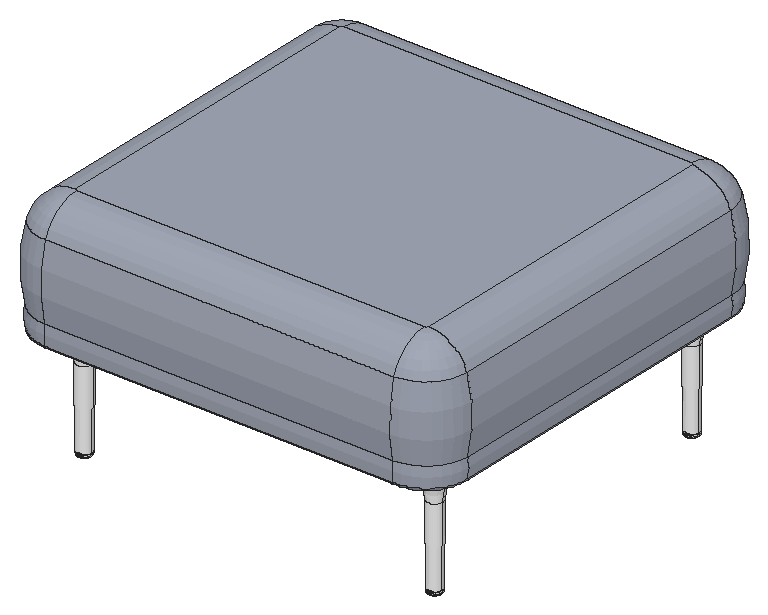
Revit family "Sofa-Bernhardt_Design-Mirador-Bench", category Furniture, Revit 2013
Parameters (values of type "8040A - Single Seat Bench")
  Width = 2' - 6"
  Upholstery = Fabric- Bernhardt Design - Blue Linen
  URL = "http://www.bernhardtdesign.com/"
  Seat Height = 1' - 4 1/2"  # constant formula
  Product Page URL = "http://www.bernhardtdesign.com/products/mirador/index.html"
  Product Name = "Mirador"  # constant formula
  Product Documentation Link = "http://www.bernhardtdesign.com/pdf/pricelists/sofas/MiradorPL_010114.pdf"
  Model = "8040A"
  Metal Finish = Metal - Bernhardt Design - Polished Cast Aluminum
  Material = ""
  Manufacturer = "Bernhardt Design"  # constant formula
  Height = 1' - 4 1/2"  # constant formula
  Description = "Sectional"  # constant formula
  Depth = 2' - 6"  # constant formula
Types (3): name | Width | Model
  8040A - Single Seat Bench | 2' - 6" | "8040A"
  8041A - Two Seat Bench | 5' - 0" | "8041A"
  8042A - Three Seat Bench | 7' - 6" | "8042A"
Reference planes (in)
  plane 1 "Center (Front/Back)": y = 0
  plane 2 "Ref. Level": z = 0
  plane 3 "Center (Left/Right)": x = 0
  plane 4 "Left": x = -15
  plane 5 "Right": x = 15
  plane 6 "Back": y = 15
  plane 7 "Front": y = -15
  plane 8: x = -11.95081
  plane 9: x = 11.95081
  plane 10 "Back Legs": y = 10.66279
  plane 11 "Front Legs": y = -11.2545
  plane 12 "Bottom of Seat": z = 8.03063
  plane 13 "Seat Height": z = 16.5
  plane 14 "Top": z = 16.5
Forms (in)
  Sweep 1, solid, material "Fabric- Bernhardt Design - Blue Linen" <- "Upholstery"
    path origin (0, 0, 8.03063) x (0, -1, 0) y (1, 0, 0)
      loop
        arc (-12.62109, -11.87109) -> (-12.03531, -13.28531) -> (-10.62109, -13.87109) r 2
        line (-10.62109, -13.87109) -> (11.87109, -13.87109)
        arc (11.87109, -13.87109) -> (13.28531, -13.28531) -> (13.87109, -11.87109) r 2
        line (13.87109, -11.87109) -> (13.87109, 11.87109)
        arc (13.87109, 11.87109) -> (13.28531, 13.28531) -> (11.87109, 13.87109) r 2
        line (11.87109, 13.87109) -> (-10.62109, 13.87109)
        arc (-10.62109, 13.87109) -> (-12.03531, 13.28531) -> (-12.62109, 11.87109) r 2
        line (-12.62109, 11.87109) -> (-12.62109, -11.87109)
    profile origin (-13.87109, -0.625, 8.03063) x (-1, 0, 0) y (0, 0, 1)
      loop
        arc (0.83731, 1.49606) -> (1.12491, 4.04903) -> (0.75672, 6.59162) r 10.06353
        arc (0.75672, 6.59162) -> (-0.24157, 7.95095) -> (-1.84643, 8.46937) r 2.74327
        line (-1.84643, 8.46937) -> (-1.84643, 0) -> (0.68619, 0)
        arc (0.68619, 0) -> (0.78809, 0.03741) -> (0.84157, 0.13187) r 0.15748
        arc (0.84157, 0.13187) -> (0.89635, 0.81414) -> (0.83731, 1.49606) r 4.11648
  Extrusion 2, solid, material "Fabric- Bernhardt Design - Blue Linen" <- "Upholstery"
    sketch origin (0, 0, 8.03063) x (0, -1, 0) y (1, 0, 0)
      loop
        line (-10.62109, -12.02467) -> (11.87109, -12.02467)
        arc (11.87109, -12.02467) -> (11.97969, -11.97969) -> (12.02467, -11.87109) r 0.15357
        line (12.02467, -11.87109) -> (12.02467, 11.87109)
        arc (12.02467, 11.87109) -> (11.97969, 11.97969) -> (11.87109, 12.02467) r 0.15357
        line (11.87109, 12.02467) -> (-10.62109, 12.02467)
        arc (-10.62109, 12.02467) -> (-10.72969, 11.97969) -> (-10.77467, 11.87109) r 0.15357
        line (-10.77467, 11.87109) -> (-10.77467, -11.87109)
        arc (-10.77467, -11.87109) -> (-10.72969, -11.97969) -> (-10.62109, -12.02467) r 0.15357
    from 0 to 8.46937
Cuts and joins
  joined: Sweep 1, Extrusion 2
Lines and regions (in)
  Masking region 1
    outline origin (0, 0, 8.03063) x (0, -1, 0) y (1, 0, 0)
      loop
        line (-15, -15) -> (11.86328, -15)
        arc (11.86328, -15) -> (14.08128, -14.08128) -> (15, -11.86328) r 3.13672
        line (15, -11.86328) -> (15, 11.86161)
        arc (15, 11.86161) -> (14.08079, 14.08079) -> (11.86161, 15) r 3.13839
        line (11.86161, 15) -> (-15, 15) -> (-15, -15)
  symbolic lines
    curve 1: line (-15, 6.88214, 8.03063) -> (15, 6.88214, 8.03063)
Dimensions and locks (in)
  equal spacing: plane 7 "Front", plane 1 "Center (Front/Back)", plane 6 "Back"
  "Depth": plane 7 "Front" to plane 6 "Back"
  equal spacing: plane 4 "Left", plane 3 "Center (Left/Right)", plane 5 "Right"
  "Width": plane 4 "Left" to plane 5 "Right"
  locked: plane 4 "Left" to plane 8 at 3.04919
  locked: plane 6 "Back" to plane 10 "Back Legs" at 4.33721
  locked: plane 9 to plane 5 "Right" at 3.04919
  locked: plane 7 "Front" to plane 11 "Front Legs" at 3.7455
  locked: plane 13 "Seat Height" to level at 16.5
  locked: plane 12 "Bottom of Seat" to level at 8.03063
  "Height": plane 14 "Top" to level
  plane 6 "Back" to Sweep 1 sketch curve to Sweep 1 sketch curve to Sweep 1 sketch curve = 0' - 2 97/256" locked, 0' - 2" locked, 0' - 0" locked
  plane 7 "Front" to Sweep 1 sketch curve to Sweep 1 sketch curve to Sweep 1 sketch curve = 0' - 1 33/256" locked, 0' - 2" locked, 0' - 0" locked
  Sweep 1 sketch curve to Sweep 1 sketch curve to Sweep 1 sketch curve to plane 5 "Right" = 0' - 0" locked, 0' - 2" locked, 0' - 1 33/256" locked
  plane 4 "Left" to Sweep 1 sketch curve to Sweep 1 sketch curve to Sweep 1 sketch curve = 0' - 1 33/256" locked, 0' - 2" locked, 0' - 0" locked
  aligned and locked: plane 2 "Ref. Level" to level
  aligned and locked: plane 8 to nested 2
  aligned and locked: plane 8 to nested 1
  aligned and locked: nested 2 to plane 10 "Back Legs"
  aligned and locked: plane 11 "Front Legs" to nested 1
  aligned and locked: nested 3 to plane 9
  aligned and locked: nested 3 to plane 10 "Back Legs"
  aligned and locked: nested 4 to plane 9
  aligned and locked: plane 12 "Bottom of Seat" to Sweep 1 sketch curve
  aligned and locked: plane 12 "Bottom of Seat" to Extrusion 2
  aligned and locked: plane 11 "Front Legs" to nested 4
  aligned and locked: Extrusion 2 sketch curve to Sweep 1  (x4)
Automatic sketch dimensions
  Sweep 1 sketch curve to profile plane = 0' - 0.68619"
  Sweep 1 sketch curve to plane 12 "Bottom of Seat" = 0' - 3.88989"
  Sweep 1 sketch curve to Sweep 1 sketch curve = 0' - 7.09093"
  Sweep 1 sketch curve to plane 12 "Bottom of Seat" = 0' - 0.80129"
  Sweep 1 sketch curve to Sweep 1 sketch curve = 0' - 1.37368"
  Sweep 1 sketch curve to profile plane = 0' - 0.75672"
  Sweep 1 sketch curve to profile plane = 0' - 0.83731"
  Sweep 1 sketch curve to plane 12 "Bottom of Seat" = 0' - 0.13187"
  Sweep 1 sketch curve to Sweep 1 sketch curve = 0' - 0"
  profile plane to Sweep 1 sketch curve = 0' - 1.84643"
  Sweep 1 sketch curve to plane 12 "Bottom of Seat" = 0' - 8.46937"
  Extrusion 2 sketch curve to plane 10 "Back Legs" = 0' - 0.04169"  (x2)
  plane 11 "Front Legs" to Extrusion 2 sketch curve = 0' - 0.61659"  (x2)
  plane 4 "Left" to curve 1 = 0' - 0"
  Masking region 1 sketch curve to plane 4 "Left" = 0' - 0"
  Masking region 1 sketch curve to plane 5 "Right" = 0' - 0"
  plane 7 "Front" to Masking region 1 sketch curve = 0' - 0"
  Masking region 1 sketch curve to plane 6 "Back" = 0' - 0"
  plane 11 "Front Legs" to Masking region 1 sketch curve = 0' - 0.60878"
  plane 11 "Front Legs" to Masking region 1 sketch curve = 0' - 0.60711"
  plane 5 "Right" to curve 1 = 0' - 0"
  curve 1 to plane 10 "Back Legs" = 0' - 3.78065"
Nested families (in)
  nested 1: "mirador-leg" at (-11.95081, -11.2545, 0), type "mirador-leg"
  nested 2: "mirador-leg" at (-11.95081, 10.66279, 0), type "mirador-leg"
  nested 3: "mirador-leg" at (11.95081, 10.66279, 0), type "mirador-leg"
  nested 4: "mirador-leg" at (11.95081, -11.2545, 0), type "mirador-leg"
Definition of nested family "mirador-leg"
  Parameters (values of type "mirador-leg")
    Metal Finish = Metal - Bernhardt Design - Polished Cast Aluminum
  Reference planes (in)
    plane 1 "Center (Front/Back)": y = 0
    plane 2 "Back": z = 0
    plane 3 "Center (Left/Right)": x = 0
  Forms (in)
    Revolve 1, solid, material "Metal - Bernhardt Design - Polished Cast Aluminum" <- "Metal Finish"
      sketch origin (0, 0, 0) x (1, 0, 0) y (0, 0, 1)
        loop
          line (0, 0) -> (0, 0.04452) -> (-0.375, 0.04452) -> (-0.375, 0) -> (0, 0)
        axis (0, 0.04452) -> (0, 0)
      angle from 0 to 360
    Revolve 2, solid, material "Metal - Bernhardt Design - Polished Cast Aluminum" <- "Metal Finish"
      sketch origin (0, 0, 0) x (1, 0, 0) y (0, 0, 1)
        loop
          line (-0.48461, 0.25466) -> (-0.48794, 0.15912)
          arc (-0.48794, 0.15912) -> (-0.48475, 0.11863) -> (-0.47251, 0.07989) r 0.17909
          arc (-0.47251, 0.07989) -> (-0.45049, 0.05414) -> (-0.41799, 0.04452) r 0.0597
          line (-0.41799, 0.04452) -> (0, 0.04452) -> (0, 0.27473) -> (-0.46383, 0.27473)
          arc (-0.46383, 0.27473) -> (-0.47827, 0.26889) -> (-0.48461, 0.25466) r 0.02079
        axis (0, 0.27473) -> (0, 0.04452)
      angle from 0 to 360
    Revolve 3, solid, material "Metal - Bernhardt Design - Polished Cast Aluminum" <- "Metal Finish"
      sketch origin (0, 0, 0) x (1, 0, 0) y (0, 0, 1)
        loop
          line (0, 0.27473) -> (0, 7.87315) -> (-1.80345, 7.87315)
          arc (-1.80345, 7.87315) -> (-1.46997, 7.79674) -> (-1.20301, 7.58276) r 0.76596
          arc (-1.20301, 7.58276) -> (-0.71446, 6.69813) -> (-0.5395, 5.70282) r 3.07103
          line (-0.5395, 5.70282) -> (-0.4923, 0.29479)
          arc (-0.4923, 0.29479) -> (-0.48631, 0.28059) -> (-0.47207, 0.27473) r 0.02024
          line (-0.47207, 0.27473) -> (0, 0.27473)
        axis (0, 7.87315) -> (0, 0.27473)
      angle from 0 to 360
    Revolve 4, solid, material "Metal - Bernhardt Design - Polished Cast Aluminum" <- "Metal Finish"
      sketch origin (0, 0, 0) x (1, 0, 0) y (0, 0, 1)
        loop
          line (0, 7.87315) -> (0, 8.03063) -> (-2.3622, 8.03063) -> (-2.36002, 7.96814)
          arc (-2.36002, 7.96814) -> (-2.33003, 7.90078) -> (-2.26166, 7.87315) r 0.09843
          line (-2.26166, 7.87315) -> (0, 7.87315)
        axis (0, 8.03063) -> (0, 7.87315)
      angle from 0 to 360
  Dimensions and locks (in)
    aligned and locked: plane 2 "Back" to level
